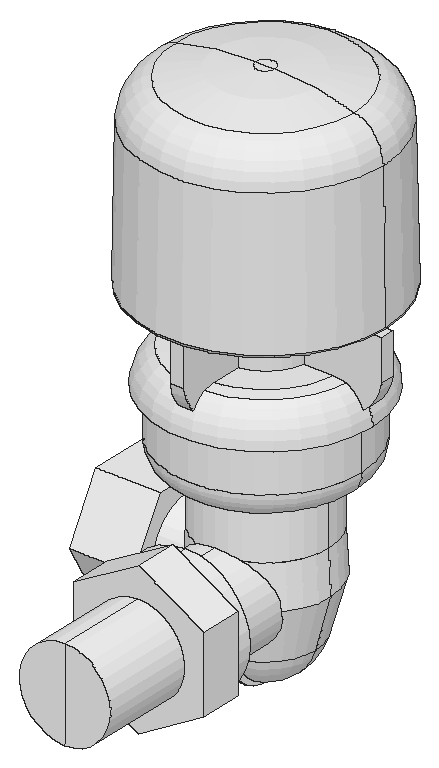
Revit family "RA-DV_Double Angle_Left_DN10-15_Aero_RFA_1", category Pipe Accessories, Revit 2019 (continued)
Definition of nested family "Schematic_Pressure Independent TRV_Sensor_Angle Left"
  Lines and regions (mm)
    symbolic lines
      curve 23: spline (31.111, -13.333, 0) -> (33.412, -12.879, 0) -> (35.556, -11.547, 0) -> (37.397, -9.428, 0) -> (38.809, -6.667, 0) -> (39.697, -3.451, 0) -> (40, 0, 0) -> (39.697, 3.451, 0) -> (38.809, 6.667, 0) -> (37.397, 9.428, 0) -> (35.556, 11.547, 0) -> (33.412, 12.879, 0) -> (31.111, 13.333, 0) -> (28.81, 12.879, 0) -> (26.667, 11.547, 0) -> (24.826, 9.428, 0) -> (23.413, 6.667, 0) -> (22.525, 3.451, 0) -> (22.222, 0, 0) -> (22.525, -3.451, 0) -> (23.413, -6.667, 0) -> (24.826, -9.428, 0) -> (26.667, -11.547, 0) -> (28.81, -12.879, 0) -> (31.111, -13.333, 0)
      curve 24: line (0, 0, 0) -> (22.222, 0, 0)
      curve 25: line (31.111, -13.333, 0) -> (31.111, 13.333, 0)
      curve 26: line (-15, -30, 0) -> (0, 0, 0)
      curve 27: line (0, 0, 0) -> (15, -30, 0)
      curve 28: line (15, -30, 0) -> (-15, -30, 0)
      curve 29: line (0, -40, 0) -> (0, -30, 0)
      curve 30: line (-7.5, 60, 0) -> (7.5, 60, 0)
      curve 31: line (-7.5, 35, 0) -> (-7.5, 60, 0)
      curve 32: line (7.5, 35, 0) -> (-7.5, 35, 0)
      curve 33: line (7.5, 60, 0) -> (7.5, 35, 0)
      curve 34: line (0, 0, 0) -> (0, 35, 0)
      curve 35: line (-4.722, 55, 0) -> (4.722, 55, 0)
      curve 36: line (0, 40, 0) -> (0, 55, 0)
  Dimensions and locks
    "D": plane 4 to plane 5
    equal spacing: plane 4, level, plane 5
    "D": plane 9 to plane 8
    equal spacing: plane 9, plane 1 "Center (Front/Back)", plane 8
    "LA": plane 11 to plane 10
    equal spacing: plane 11, plane 3 "Center (Left/Right)", plane 10
    "LA_1": plane 13 to plane 10
    "LA_1": plane 11 to plane 14
    "L1/3": plane 18 to plane 19
    equal spacing: plane 18, level, plane 19
    "L": plane 20 to plane 3 "Center (Left/Right)"
    "L": plane 3 "Center (Left/Right)" to plane 7
    "HT": plane 6 to level
    "HA": plane 21 to plane 6
    "HA_1": plane 21 to plane 12
    "HA_2": plane 21 to plane 15
    "L1/3": plane 22 to plane 23
    equal spacing: plane 22, plane 1 "Center (Front/Back)", plane 23
    "D": plane 3 "Center (Left/Right)" to plane 24
    equal spacing: plane 20, plane 25, plane 26
    "L1/9": plane 20 to plane 25
    "D": plane 27 to plane 1 "Center (Front/Back)"
    equal spacing: plane 28, level, plane 29
    "D": plane 28 to plane 29
    "L2": plane 30 to plane 1 "Center (Front/Back)"
    "D": plane 32 to plane 33
    equal spacing: plane 32, plane 3 "Center (Left/Right)", plane 33
    "HT": plane 1 "Center (Front/Back)" to plane 34
    "HA": plane 35 to plane 34
    "HA_1": plane 35 to plane 36
    "HA_2": plane 35 to plane 37
    aligned and locked: level to plane 2
    aligned and locked: curve 2 to plane 6
    aligned and locked: plane 10 to curve 3
    aligned and locked: curve 5 to plane 11
    aligned and locked: curve 6 to level
    aligned and locked: plane 21 to curve 4
    aligned and locked: curve 1 to plane 3 "Center (Left/Right)"
    aligned and locked: plane 6 to curve 1
    aligned and locked: curve 7 to plane 12
    aligned and locked: plane 13 to curve 7
    aligned and locked: plane 14 to curve 7
    aligned and locked: plane 3 "Center (Left/Right)" to curve 8
    aligned and locked: plane 15 to curve 8
    aligned and locked: plane 12 to curve 8
    aligned and locked: plane 24 to curve 10
    aligned and locked: plane 5 to curve 11
    aligned and locked: plane 4 to curve 9
    aligned and locked: plane 7 to curve 6
    aligned and locked: plane 24 to curve 6
    aligned and locked: curve 12 to level
    aligned and locked: plane 3 "Center (Left/Right)" to curve 12
    aligned and locked: plane 26 to curve 12
    aligned and locked: plane 25 to curve 13
    aligned and locked: plane 19 to curve 13
    aligned and locked: plane 18 to curve 13
    aligned and locked: plane 27 to curve 15
    aligned and locked: plane 29 to curve 15
    aligned and locked: plane 28 to curve 15
    aligned and locked: curve 18 to level
    aligned and locked: plane 30 to curve 18
    aligned and locked: plane 27 to curve 18
    aligned and locked: plane 7 to curve 22
    aligned and locked: plane 24 to curve 22
    aligned and locked: plane 24 to curve 20
    aligned and locked: plane 8 to curve 20
    aligned and locked: plane 9 to curve 20
    aligned and locked: plane 26 to curve 24
    aligned and locked: plane 25 to curve 25
    aligned and locked: plane 23 to curve 25
    aligned and locked: plane 22 to curve 25
    aligned and locked: plane 30 to curve 29
    aligned and locked: plane 27 to curve 29
  Automatic sketch dimensions
    curve 14 to plane 25 = 0 mm
    curve 17 to level = 0 mm
    curve 17 to plane 1 "Center (Front/Back)" = 0 mm
    curve 26 to plane 32 = 0 mm
    curve 29 to plane 3 "Center (Left/Right)" = 0 mm
    curve 27 to plane 33 = 0 mm
    curve 23 to plane 25 = 0 mm
    plane 1 "Center (Front/Back)" to curve 22 = 0 mm
    curve 35 to plane 13 = 0 mm
    curve 35 to plane 14 = 0 mm
    curve 35 to plane 36 = 0 mm
    curve 36 to plane 3 "Center (Left/Right)" = 0 mm
    curve 36 to plane 37 = 0 mm
    curve 31 to plane 10 = 0 mm
    plane 1 "Center (Front/Back)" to curve 24 = 0 mm
    curve 24 to plane 3 "Center (Left/Right)" = 0 mm
    curve 32 to plane 11 = 0 mm
    curve 33 to plane 34 = 0 mm
    curve 34 to plane 34 = 0 mm
    curve 36 to plane 36 = 0 mm
    curve 30 to plane 35 = 0 mm
Types (3, lengths in mm): name | Weight | W | SA2 | SA1 | RL4 | RL2 | RL1 | Model Type | Model | LR2 | LR1 | LL4 | LL3 | LL2 | LL1 | L | HexR2 | HexR1 | Hex2 | Hex | D
  (no name) | 0.33 kg | 85.9 | 33 | 36.7 | 10.5 | 14.8 | 11.3 | "RA-DV_Double Angle_Left_DN15" | "013G7720" | 15 | 18 | 21.2 | 10 | 3.7 | 23 | 61 | 15.4 | 17.3 | 26.7 | 30 | 15
  RA-DV_Double Angle_Left_DN10_013G7718 | 0.28 kg | 80.1 | 27 | 33.3 | 8.3 | 13.2 | 9.75 | "RA-DV_Double Angle_Left_DN10" | "013G7718" | 11.033 | 15.967 | 18.8 | 8.5 | 3.6 | 21.2 | 55 | 12.6 | 15.6 | 21.7 | 27 | 10
  RA-DV_Double Angle_Left_DN15_013G7720 | 0.33 kg | 85.9 | 33 | 36.7 | 10.5 | 14.8 | 11.3 | "RA-DV_Double Angle_Left_DN15" | "013G7720" | 15 | 18 | 21.2 | 10 | 3.7 | 23 | 61 | 15.4 | 17.3 | 26.7 | 30 | 15
